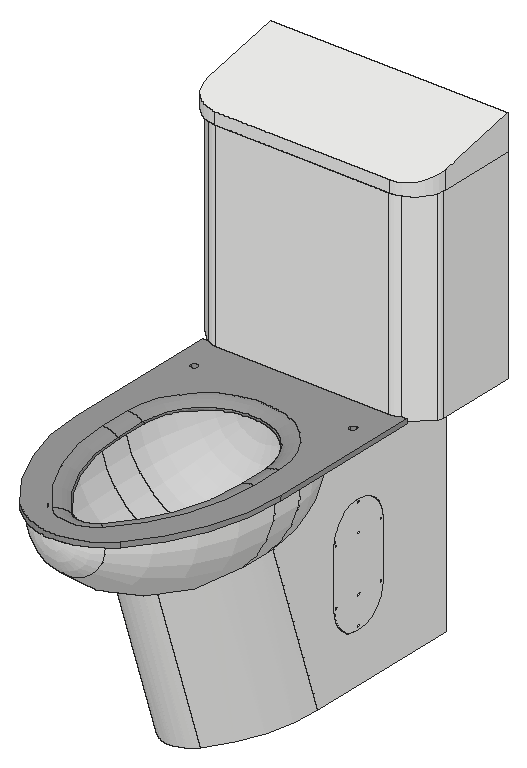
Revit family "Toilet-Siphon_Jet-Whitehall-BestCare-WH2145ADA_Series", category Plumbing Fixtures, host Face, Revit 2021
Family settings
  Host = Face
  Round Connector Dimension = Use Diameter
  Part Type = Normal
  OmniClass Number = 23.45.05.21.11.11
  OmniClass Title = Water Operated Water Closets
  Cut with Voids When Loaded = No
  Shared = Yes
  Room Calculation Point = No
Parameters (values of type "WH2145ADA_12")
  Width = 17 1/8"  # constant formula
  Waste Connection Distance From Wall = 12"
  Waste Connection Diameter = 7 1/2"  # constant formula
  Waste Connection = yes
  WH-LRSC-WHITE-Ligature Resistant Seat Cover, White (Shipped Loose = no
  WH-LRSC-GRAY-Whitehall Ligature Resistant ABS Toilet Seat Cover = yes
  WH-LRSC-BLACK-Ligature Resistant Seat Cover, Black (Shipped Loose = no
  WFU = 10  # constant formula
  Vent Connection = no
  URL = "http://www.whitehallmfg.com"
  Type Comments = ""
  Product Page URL = "https://www.whitehallmfg.com/ligature-resistant-ada-seat-height-cistern-toilet"
  Product Documentation Link = "https://www.whitehallmfg.com/uploads/fileLibrary/WH2145ADA.pdf?v=638835428474775324"
  Model = "WH2145ADA_12"
  Material = "Stainless Steel-Whitehall-Powder Coated White"  # constant formula
  Manufacturer = "Whitehall Mfg."  # constant formula
  Load Capacity = "On-floor units can withstand load rating of 5000 lbs."  # constant formula
  Length = 30 1/2"  # constant formula
  Installation Type = "Floor Mounted"  # constant formula
  IAPMO Compliance = "Toilet shall be ASME A112.19.3 and CSA B45.4 compliant."  # constant formula
  Height = 35 1/4"  # constant formula
  HWFU = 0
  HW Connection = no
  Flush Rate = "1.28 gallons (4.8 Liters) to 1.6 gallons (6 liter) per flush"  # constant formula
  Finish = Stainless Steel-Whitehall-Powder Coated White
  Description = "BestCare® Ligature-Resistant Cistern Tank Toilet with ADA Seat Height"  # constant formula
  Default Elevation = 0"
  Creation Date = "05/23/2025"  # constant formula
  Connection Diameter = 7/8"
  CWFU = 10  # constant formula
  CW Connection = yes
  Bowl Shape = "Elongated"  # constant formula
  Assembly Code = "D2010110"
  ADA Compliant = yes
Types (3): name | Waste Connection Distance From Wall | Model
  (no name) | 12" | "WH2145ADA_12"
  WH2145ADA_10 | 10" | "WH2145ADA_10"
  WH2145ADA_12 | 12" | "WH2145ADA_12"
Reference planes (in)
  plane 1 "Center (Front/Back)": y = 1.5
  plane 2: z = 0
  plane 3 "Center (Left/Right)": x = 0
  plane 4: y = -29
  plane 5: y = -6.375
  plane 6: x = -8.5625
  plane 7: x = 8.5625
  plane 8: x = 4.0625
  plane 9: x = -4.0625
  plane 10: x = -4.0625
  plane 11: x = 4.0625
  plane 12: x = -4.0625
  plane 13: x = 4.0625
  plane 14: y = -17.625
  plane 15: y = -22.625
  plane 16: y = 0.75
  plane 17: z = 1
  plane 18: y = -2.5
  plane 19: x = 7.375
  plane 20: x = -7.375
  plane 21: z = 35.25
  plane 22: z = 18.375
  plane 23: z = 18
  plane 24: z = 31.375
  plane 25: y = -10.5
  plane 26: z = 7
  plane 27: x = -5.375
Forms (in)
  Blend 1, solid, material "Stainless Steel-Whitehall-Powder Coated White" <- "Finish"
    base sketch origin (0, -1.72011, 0) x (1, 0, 0) y (0, 1, 0)
      loop
        line (4.0625, 3.22011) -> (-4.0625, 3.22011) -> (-4.0625, -8.30903)
        arc (-4.0625, -8.30903) -> (-3.43599, -12.26354) -> (-1.61783, -15.83074) r 12.79364
        arc (-1.61783, -15.83074) -> (0, -16.65489) -> (1.61783, -15.83074) r 2
        arc (1.61783, -15.83074) -> (3.43599, -12.26354) -> (4.0625, -8.30903) r 12.79364
        line (4.0625, -8.30903) -> (4.0625, 3.22011)
    top sketch origin (0, -1.72011, 0) x (1, 0, 0) y (0, 1, 0)
      loop
        line (-4.0625, 3.22011) -> (-4.0625, -12.55903)
        arc (-4.0625, -12.55903) -> (-3.43599, -16.51354) -> (-1.61783, -20.08074) r 12.79364
        arc (-1.61783, -20.08074) -> (0, -20.90489) -> (1.61783, -20.08074) r 2
        arc (1.61783, -20.08074) -> (3.43599, -16.51354) -> (4.0625, -12.55903) r 12.79364
        line (4.0625, -12.55903) -> (4.0625, 3.22011) -> (-4.0625, 3.22011)
    from 0 to 12.83155
  Blend 2, solid, material "Stainless Steel-Whitehall-Powder Coated White" <- "Finish"
    base sketch origin (0, -2.10102, 0) x (1, 0, 0) y (0, 1, 0)
      loop
        line (-4.0625, 3.60102) -> (-4.0625, -11.43316)
        arc (-4.0625, -11.43316) -> (0, -8.43159) -> (4.0625, -11.43316) r 4.25
        line (4.0625, -11.43316) -> (4.0625, 3.60102) -> (-4.0625, 3.60102)
    top sketch origin (0, -2.10102, 0) x (1, 0, 0) y (0, 1, 0)
      loop
        line (-4.0625, 3.60102) -> (-4.0625, -7.83302)
        arc (-4.0625, -7.83302) -> (0, -5.23884) -> (4.0625, -7.83302) r 4.47804
        line (4.0625, -7.83302) -> (4.0625, 3.60102) -> (-4.0625, 3.60102)
    from 11.90274 to 18
  Extrusion 3, void
    sketch origin (0, 0.5, 0) x (1, 0, 0) y (0, 1, 0)
      loop
        circle (-5.73885, -9.43959) r 0.25
      loop
        circle (5.73885, -9.43959) r 0.25
    from 0 to 24
  Extrusion 4, solid, material "Stainless Steel-Whitehall-Powder Coated White" <- "Finish"
    sketch origin (0, 0, 3) x (1, 0, 0) y (0, 1, 0)
      loop
        line (-8.5625, 1.5) -> (-8.5625, -4.29289)
        arc (-8.5625, -4.29289) -> (-8.52444, -4.48423) -> (-8.41605, -4.64645) r 0.5
        line (-8.41605, -4.64645) -> (-6.98039, -6.08211)
        arc (-6.98039, -6.08211) -> (-6.65597, -6.29888) -> (-6.27329, -6.375) r 1
        line (-6.27329, -6.375) -> (6.27329, -6.375)
        arc (6.27329, -6.375) -> (6.65597, -6.29888) -> (6.98039, -6.08211) r 1
        line (6.98039, -6.08211) -> (8.41605, -4.64645)
        arc (8.41605, -4.64645) -> (8.52444, -4.48423) -> (8.5625, -4.29289) r 0.5
        line (8.5625, -4.29289) -> (8.5625, 1.5) -> (-8.5625, 1.5)
    from 15 to 29.75
  Extrusion 5, void
    sketch origin (0, 3.375, 3) x (0, 1, 0) y (0, 0, 1)
      loop
        line (-9.75, 30.57612) -> (-1.875, 32.25) -> (-9.75, 32.25) -> (-9.75, 30.57612)
    from -8.5625 to 8.5625
  Blend 6, solid, material "Stainless Steel-Whitehall-Powder Coated White" <- "Finish"
    base sketch origin (0, 0, 3) x (1, 0, 0) y (0, 1, 0)
      loop
        line (-8.5625, 1.5) -> (-8.5625, -4.125)
        arc (-8.5625, -4.125) -> (-7.90349, -5.71599) -> (-6.3125, -6.375) r 2.25
        line (-6.3125, -6.375) -> (6.3125, -6.375)
        arc (6.3125, -6.375) -> (7.90349, -5.71599) -> (8.5625, -4.125) r 2.25
        line (8.5625, -4.125) -> (8.5625, 1.5) -> (-8.5625, 1.5)
    top sketch origin (0, 0, 3) x (1, 0, 0) y (0, 1, 0)
      loop
        line (-8.5625, 1.5) -> (-8.5625, -4.125)
        arc (-8.5625, -4.125) -> (-7.90349, -5.71599) -> (-6.3125, -6.375) r 2.25
        line (-6.3125, -6.375) -> (6.3125, -6.375)
        arc (6.3125, -6.375) -> (7.90349, -5.71599) -> (8.5625, -4.125) r 2.25
        line (8.5625, -4.125) -> (8.5625, 1.5) -> (-8.5625, 1.5)
    from 29.75 to 32.25
  Extrusion 7, solid, material "Metal-Whitehall-Stainless_Steel-Ligature_Resistant-GRAY", visible <- "WH-LRSC-GRAY-Whitehall Ligature Resistant ABS Toilet Seat Cover"
    sketch origin (0, 0, 3.375) x (1, 0, 0) y (0, 1, 0)
      loop
        arc (3.62836, -27.3721) -> (6.40665, -22.79695) -> (7.375, -17.53261) r 14.79364
        line (7.375, -17.53261) -> (7.375, -6.125) -> (-7.375, -6.125) -> (-7.375, -17.53261)
        arc (-7.375, -17.53261) -> (-6.40665, -22.79695) -> (-3.62836, -27.3721) r 14.79364
        arc (-3.62836, -27.3721) -> (0, -28.99928) -> (3.62836, -27.3721) r 4.85894
      loop
        line (-5.75, -15.28261) -> (-5.75, -17.53261)
        arc (-5.75, -17.53261) -> (-4.77373, -22.58152) -> (-1.98566, -26.90254) r 13.54364
        arc (-1.98566, -26.90254) -> (0, -27.75) -> (1.98566, -26.90254) r 2.75
        arc (1.98566, -26.90254) -> (4.77373, -22.58152) -> (5.75, -17.53261) r 13.54364
        line (5.75, -17.53261) -> (5.75, -15.28261)
        arc (5.75, -15.28261) -> (0, -9.53261) -> (-5.75, -15.28261) r 5.75
    from 14.625 to 15
  Sweep 8, solid, material "Metal-Whitehall-Stainless_Steel-Ligature_Resistant-GRAY", visible <- "WH-LRSC-GRAY-Whitehall Ligature Resistant ABS Toilet Seat Cover"
    path origin (0, 0, 3.375) x (1, 0, 0) y (0, 1, 0)
      loop
        arc (-5.75, -17.53261) -> (-4.77373, -22.58152) -> (-1.98566, -26.90254) r 13.54364
        arc (-1.98566, -26.90254) -> (0, -27.75) -> (1.98566, -26.90254) r 2.75
        arc (1.98566, -26.90254) -> (4.77373, -22.58152) -> (5.75, -17.53261) r 13.54364
        line (5.75, -17.53261) -> (5.75, -15.28261)
        arc (5.75, -15.28261) -> (0, -9.53261) -> (-5.75, -15.28261) r 5.75
        line (-5.75, -15.28261) -> (-5.75, -17.53261)
    profile origin (-5.75, -16.40761, 3.375) x (-1, 0, 0) y (0, 0, 1)
      loop
        line (0, 15) -> (-0.25, 15)
        arc (-0.25, 15) -> (-0.82681, 14.90577) -> (-1.34365, 14.63287) r 1.8125
        arc (-1.34365, 14.63287) -> (-1.36912, 14.5504) -> (-1.29904, 14.5) r 0.07392
        line (-1.29904, 14.5) -> (0, 14.5) -> (0, 15)
  Revolve 9, solid, material "Stainless Steel-Whitehall-Powder Coated White" <- "Finish"
    sketch origin (0, 0, 18) x (1, 0, 0) y (0, 1, 0)
      loop
        arc (-2.88823, -27.76733) -> (-1.57014, -28.67895) -> (0, -29) r 4
        line (0, -29) -> (0, -27.75)
        arc (0, -27.75) -> (-1.07947, -27.52928) -> (-1.98566, -26.90254) r 2.75
        arc (-1.98566, -26.90254) -> (-4.77373, -22.58152) -> (-5.75, -17.53261) r 13.54364
        line (-5.75, -17.53261) -> (-5.75, -15.28261)
        arc (-5.75, -15.28261) -> (-4.06586, -11.21675) -> (0, -9.53261) r 5.75
        line (0, -9.53261) -> (0, -8.28261)
        arc (0, -8.28261) -> (-4.94975, -10.33287) -> (-7, -15.28261) r 7
        line (-7, -15.28261) -> (-7, -17.53261)
        arc (-7, -17.53261) -> (-5.93362, -23.0475) -> (-2.88823, -27.76733) r 14.79364
      axis (0, -8.28261) -> (0, -29)
    angle from 0 to 180
  Extrusion 10, solid, material "Stainless Steel-Whitehall-Powder Coated White" <- "Finish"
    sketch origin (2.9375, 0, 3.47882) x (1, 0, 0) y (0, 1, 0)
      loop
        line (-9.9375, 1.5) -> (-9.9375, -1.35355) -> (-7.03125, -1.35355) -> (-7.03125, -1.85355) -> (-7, -1.85355) -> (-7, 1.5) -> (-9.9375, 1.5)
    from 2.77118 to 14.52118
  Extrusion 11, void
    sketch origin (0, 0, 3.25) x (0, 1, 0) y (0, 0, -1)
      loop
        line (1.5, -3) -> (-1.85355, -3) -> (-1.85355, -5) -> (-1.35355, -5) -> (1.5, -3)
    from 4.0625 to 7
  Revolve 12, void
    sketch origin (0, 0, 16.875) x (1, 0, 0) y (0, 1, 0)
      loop
        arc (0, -9.53261) -> (-4.06586, -11.21675) -> (-5.75, -15.28261) r 5.75
        line (-5.75, -15.28261) -> (-5.75, -17.53261)
        arc (-5.75, -17.53261) -> (-4.77373, -22.58152) -> (-1.98566, -26.90254) r 13.54364
        arc (-1.98566, -26.90254) -> (-1.07947, -27.52928) -> (0, -27.75) r 2.75
        line (0, -27.75) -> (0, -9.53261)
      axis (0, -9.53261) -> (0, -27.75)
    angle from 0 to 180
  Extrusion 13, solid, material "Metal-Whitehall-Stainless_Steel-Ligature_Resistant-GRAY"
    sketch origin (0, -1.89645, 2.625) x (0, 1, 0) y (0, 0, 1)
      loop
        arc (-1.22855, 29.5) -> (-1.31694, 29.46339) -> (-1.35355, 29.375) r 0.125
        line (-1.35355, 29.375) -> (-1.35355, 28.125)
        arc (-1.35355, 28.125) -> (-1.31694, 28.03661) -> (-1.22855, 28) r 0.125
        line (-1.22855, 28) -> (0.02145, 28)
        arc (0.02145, 28) -> (0.10983, 28.03661) -> (0.14645, 28.125) r 0.125
        line (0.14645, 28.125) -> (0.14645, 29.375)
        arc (0.14645, 29.375) -> (0.10983, 29.46339) -> (0.02145, 29.5) r 0.125
        line (0.02145, 29.5) -> (-1.22855, 29.5)
    from -9.0625 to -8.5625
  Extrusion 14, solid, material "Metal-Whitehall-Stainless_Steel-Ligature_Resistant-GRAY"
    sketch origin (0, -1.89645, 2.625) x (0, 1, 0) y (0, 0, 1)
      loop
        line (0.02145, 28.25) -> (0.02145, 29.25)
        arc (0.02145, 29.25) -> (-0.01517, 29.33839) -> (-0.10355, 29.375) r 0.125
        line (-0.10355, 29.375) -> (-1.10355, 29.375)
        arc (-1.10355, 29.375) -> (-1.19194, 29.33839) -> (-1.22855, 29.25) r 0.125
        line (-1.22855, 29.25) -> (-1.22855, 28.25)
        arc (-1.22855, 28.25) -> (-1.19194, 28.16161) -> (-1.10355, 28.125) r 0.125
        line (-1.10355, 28.125) -> (-0.10355, 28.125)
        arc (-0.10355, 28.125) -> (-0.01517, 28.16161) -> (0.02145, 28.25) r 0.125
    from -9.3125 to -8.5625
  Extrusion 15, void
    sketch origin (0, 2.18667, 2.73439) x (0, 1, 0) y (0, 0, -1)
      loop
        circle (-8.56606, -9.16665) r 0.125
      loop
        circle (-10.59218, -7.18292) r 0.125
      loop
        circle (-10.58495, -3.13641) r 0.125
      loop
        circle (-8.56606, -1.14002) r 0.125
      loop
        circle (-8.53994, -7.18292) r 0.125
      loop
        circle (-8.54717, -3.13641) r 0.125
      loop
        arc (-10.81285, -7.14454) -> (-8.56285, -9.39454) -> (-6.31285, -7.14454) r 2.25
        line (-6.31285, -7.14454) -> (-6.31285, -3.09537)
        arc (-6.31285, -3.09537) -> (-8.56285, -0.84537) -> (-10.81285, -3.09537) r 2.25
        line (-10.81285, -3.09537) -> (-10.81285, -7.14454)
      loop
        line (-6.3441, -7.14454) -> (-6.3441, -3.09537)
        arc (-6.3441, -3.09537) -> (-8.56285, -0.87662) -> (-10.7816, -3.09537) r 2.21875
        line (-10.7816, -3.09537) -> (-10.7816, -7.14454)
        arc (-10.7816, -7.14454) -> (-8.56285, -9.36329) -> (-6.3441, -7.14454) r 2.21875
      loop
        circle (-6.53116, -7.18292) r 0.125
      loop
        circle (-6.53839, -3.13641) r 0.125
    from -4.0625 to 4.0625
  Extrusion 16, void
    sketch origin (0, 0, 0) x (1, 0, 0) y (0, 1, 0)
      loop
        circle (0, -10.5) r 3.75
    from 0 to 1
  Extrusion 17, void
    sketch origin (-7, -1.35355, 3.47882) x (-1, 0, 0) y (0, 0, 1)
      loop
        circle (-1.625, 3.52118) r 0.4375
    from 2.62968 to 2.85355
Cuts and joins
  Extrusion 11, Revolve 12, Extrusion 15 cuts Blend 1
  Extrusion 11, Extrusion 15, Extrusion 16 cuts Blend 2
  joined: Blend 1, Blend 2
  Extrusion 5 cuts Blend 6
  Extrusion 3, Extrusion 16 cuts Extrusion 7
  Revolve 12, Extrusion 16 cuts Sweep 8
  joined: Extrusion 7, Sweep 8
  Extrusion 11 cuts Extrusion 10
  Extrusion 16 cuts Revolve 9
Dimensions and locks (in)
  plane 7 to plane 6 = 17 1/8"
  plane 1 "Center (Front/Back)" to plane 5 = 7 7/8"
  "Length": plane 4 to plane 1 "Center (Front/Back)"
  plane 13 to plane 12 = 8 1/8"
  plane 1 "Center (Front/Back)" to plane 4 = 30 1/2"
  plane 1 "Center (Front/Back)" to plane 18 = 4"
  "Width": plane 6 to plane 7
  plane 20 to plane 19 = 14 3/4"
  "Height": plane 21 to host face
  plane 22 to host face = 18 3/8"
  plane 23 to host face = 18"
  plane 21 to plane 23 = 17 1/4"
  plane 21 to plane 24 = 3 7/8"
  "Waste Connection Distance From Wall": plane 1 "Center (Front/Back)" to plane 25
  locked: plane 26 to host face at 7
  locked: plane 3 "Center (Left/Right)" to plane 27 at 5.375
  "Waste Connection Diameter": diameter of Extrusion 16 sketch curve
  "Connection Diameter": diameter of Extrusion 17 sketch curve
  aligned and locked: plane 2 to host face
  aligned and locked: level to host face
  aligned and locked: Blend 2 to Extrusion 4
  aligned and locked: Blend 1 to Extrusion 15  (x2)
  aligned and locked: plane 25 to Extrusion 16 sketch curve
  aligned and locked: plane 3 "Center (Left/Right)" to Extrusion 16 sketch curve
  aligned and locked: plane 17 to Extrusion 16
  aligned and locked: plane 26 to Extrusion 17 sketch curve
  aligned and locked: plane 27 to Extrusion 17 sketch curve
  aligned and locked: cut or joined group of Blend 1, Blend 2, Extrusion 11, Revolve 12, Extrusion 15, Extrusion 16 to Extrusion 17
Automatic sketch dimensions
  host sketch curve to host sketch curve = 96"  (x2)
  plane 1 "Center (Front/Back)" to Blend 2 sketch curve = 0"  (x2)
  Blend 2 sketch curve to plane 10 = 0"
  Blend 2 sketch curve to plane 3 "Center (Left/Right)" = 0"  (x2)
  Blend 2 sketch curve to plane 11 = 0"
  Blend 2 sketch curve to plane 14 = 2.84239"
  Blend 2 sketch curve to plane 12 = 0"
  Blend 2 sketch curve to plane 13 = 0"
  Extrusion 3 sketch curve to plane 19 = 1.63615"
  Extrusion 4 sketch curve to plane 6 = 0"
  plane 5 to Extrusion 4 sketch curve = 0"
  plane 1 "Center (Front/Back)" to Extrusion 4 sketch curve = 0"
  Extrusion 4 sketch curve to plane 7 = 0"
  plane 6 to Extrusion 4 sketch curve = 0.14645"
  Extrusion 4 sketch curve to Extrusion 4 sketch curve = 1/2"
  Extrusion 4 sketch curve to plane 20 = 0.39461"
  Extrusion 4 sketch curve to plane 19 = 1.10171"
  Extrusion 4 sketch curve to plane 5 = 0.29289"  (x2)
  Extrusion 4 sketch curve to plane 19 = 0.39461"
  Extrusion 4 sketch curve to plane 7 = 1/2"
  Extrusion 4 sketch curve to plane 7 = 0.14645"
  Extrusion 4 sketch curve to plane 5 = 1.72855"  (x2)
  Extrusion 5 sketch curve to plane 5 = 0"
  Extrusion 5 sketch curve to plane 1 "Center (Front/Back)" = 0"
  Extrusion 5 sketch curve to plane 21 = 0"
  Extrusion 5 sketch curve to plane 21 = 1.67388"
  plane 1 "Center (Front/Back)" to Blend 6 sketch curve = 0"  (x2)
  Blend 6 sketch curve to plane 6 = 0"  (x2)
  plane 5 to Blend 6 sketch curve = 0"  (x2)
  Blend 6 sketch curve to plane 7 = 0"  (x2)
  Blend 6 sketch curve to plane 19 = 1 1/16"  (x2)
  Sweep 8 sketch curve to plane 3 "Center (Left/Right)" = 0"  (x2)
  Sweep 8 sketch curve to plane 14 = 0.09239"  (x2)
  plane 20 to Sweep 8 sketch curve = 0.41864"
  plane 19 to Sweep 8 sketch curve = 0.41864"
  plane 15 to Sweep 8 sketch curve = 2 3/8"
  Sweep 8 sketch curve to plane 14 = 2.34239"
  Sweep 8 sketch curve to Sweep 8 sketch curve = 0"
  Sweep 8 sketch curve to profile plane = 0"
  profile plane to Sweep 8 sketch curve = 1/4"
  Sweep 8 sketch curve to Sweep 8 sketch curve = 1.04904"
  profile plane to Sweep 8 sketch curve = 13 3/16"
  Sweep 8 sketch curve to Sweep 8 sketch curve = 1 5/16"
  Sweep 8 sketch curve to Sweep 8 sketch curve = 0.07392"
  Sweep 8 sketch curve to Sweep 8 sketch curve = 1/2"
  Revolve 9 sketch curve to Revolve 9 sketch curve = 0"  (x4)
  Revolve 9 sketch curve to plane 3 "Center (Left/Right)" = 0"  (x3)
  plane 4 to Revolve 9 sketch curve = 0"
  Revolve 9 sketch curve to plane 14 = 0.09239"
  Revolve 9 sketch curve to plane 20 = 3/8"
  plane 19 to Revolve 9 sketch curve = 0.41864"
  Revolve 9 sketch curve to plane 4 = 1 1/4"
  plane 15 to Revolve 9 sketch curve = 2 3/8"
  Revolve 9 sketch curve to plane 14 = 2.34239"
  Revolve 9 sketch curve to Revolve 9 sketch curve = 1"
  Revolve 9 sketch curve to Revolve 9 sketch curve = 0.46739"
  plane 1 "Center (Front/Back)" to Extrusion 10 sketch curve = 0"
  Extrusion 10 sketch curve to plane 12 = 0"
  Extrusion 10 sketch curve to plane 12 = 1/32"
  Extrusion 10 sketch curve to plane 20 = 3/8"
  Extrusion 10 sketch curve to plane 18 = 1.14645"
  Extrusion 10 sketch curve to Extrusion 10 sketch curve = 1/2"
  Extrusion 11 sketch curve to plane 1 "Center (Front/Back)" = 0"
  Extrusion 11 sketch curve to plane 18 = 1.14645"
  Extrusion 11 sketch curve to plane 18 = 0.64645"
  plane 17 to Extrusion 11 sketch curve = 7 1/4"
  Extrusion 11 sketch curve to Extrusion 11 sketch curve = 2"
  Revolve 12 sketch curve to plane 3 "Center (Left/Right)" = 0"  (x2)
  Revolve 12 sketch curve to plane 14 = 0.09239"
  plane 19 to Revolve 12 sketch curve = 0.41864"
  plane 15 to Revolve 12 sketch curve = 2 3/8"
  Revolve 12 sketch curve to plane 4 = 1 1/4"
  Revolve 12 sketch curve to Revolve 12 sketch curve = 2 1/4"
  Revolve 12 sketch curve to Revolve 12 sketch curve = 1"
  Revolve 12 sketch curve to Revolve 12 sketch curve = 0.46739"
  plane 18 to Extrusion 13 sketch curve = 3/4"
  Extrusion 13 sketch curve to Extrusion 13 sketch curve = 1/8"  (x3)
  Extrusion 13 sketch curve to plane 18 = 5/8"  (x2)
  Extrusion 13 sketch curve to plane 24 = 3/4"
  plane 24 to Extrusion 13 sketch curve = 5/8"
  plane 18 to Extrusion 14 sketch curve = 5/8"
  Extrusion 14 sketch curve to Extrusion 14 sketch curve = 1/8"  (x3)
  Extrusion 14 sketch curve to plane 18 = 1/2"  (x2)
  Extrusion 14 sketch curve to plane 24 = 5/8"
  plane 24 to Extrusion 14 sketch curve = 1/2"
  Extrusion 15 sketch curve to Extrusion 15 sketch curve = 0"  (x6)
  Extrusion 15 sketch curve to Extrusion 15 sketch curve = 1/32"
  Extrusion 15 sketch curve to Extrusion 15 sketch curve = 0.18942"
  Extrusion 15 sketch curve to Extrusion 15 sketch curve = 0.19665"
  plane 5 to Extrusion 15 sketch curve = 0.00439"  (x2)
  plane 5 to Extrusion 15 sketch curve = 0.00118"
  Extrusion 15 sketch curve to plane 5 = 0.0145"
  Extrusion 15 sketch curve to plane 5 = 0.02173"
  Extrusion 15 sketch curve to Extrusion 15 sketch curve = 0.1943"
  Extrusion 15 sketch curve to Extrusion 15 sketch curve = 0.18707"
  Extrusion 15 sketch curve to plane 23 = 6.09897"
  Extrusion 15 sketch curve to Extrusion 15 sketch curve = 1.98373"
  Extrusion 15 sketch curve to Extrusion 15 sketch curve = 0.03837"
  Extrusion 15 sketch curve to Extrusion 15 sketch curve = 4.00813"  (x2)
  Extrusion 15 sketch curve to Extrusion 15 sketch curve = 0.04104"
  Extrusion 15 sketch curve to Extrusion 15 sketch curve = 1.95535"
  Blend 2 sketch curve to plane 14 = 4.09082"
  plane 5 to Blend 2 sketch curve = 3.55904"
  Blend 2 sketch curve to Blend 2 sketch curve = 1.88386"
  plane 5 to Extrusion 3 sketch curve = 2.56459"  (x2)
  Extrusion 15 sketch curve to Extrusion 15 sketch curve = 2.0221"
  Extrusion 3 sketch curve to plane 20 = 1.63615"
  Extrusion 4 sketch curve to plane 5 = 1"
  Blend 6 sketch curve to plane 20 = 1 1/16"  (x2)
  Sweep 8 sketch curve to plane 20 = 1 5/8"
  Revolve 9 sketch curve to Revolve 9 sketch curve = 1 1/4"
  Revolve 12 sketch curve to plane 20 = 1 5/8"
  Blend 1 sketch curve to plane 12 = 0"
  Blend 1 sketch curve to plane 3 "Center (Left/Right)" = 0"  (x2)
  plane 1 "Center (Front/Back)" to Blend 1 sketch curve = 0"  (x2)
  Blend 1 sketch curve to plane 13 = 0"
  Blend 1 sketch curve to plane 6 = 0.16864"  (x2)
  plane 7 to Blend 1 sketch curve = 0.16864"  (x2)
  Blend 1 sketch curve to plane 15 = 2"
  Blend 1 sketch curve to Blend 1 sketch curve = 0"  (x4)
  Blend 1 sketch curve to plane 15 = 0.82415"
  Blend 1 sketch curve to plane 9 = 0"
  Blend 1 sketch curve to plane 8 = 0"
  plane 5 to Blend 1 sketch curve = 3.65415"
  Blend 1 sketch curve to plane 3 "Center (Left/Right)" = 1.61783"
  Extrusion 7 sketch curve to plane 20 = 0"
  Extrusion 7 sketch curve to plane 3 "Center (Left/Right)" = 0"  (x3)
  Extrusion 7 sketch curve to plane 19 = 0"
  Extrusion 7 sketch curve to Extrusion 7 sketch curve = 0.04364"  (x2)
  Extrusion 7 sketch curve to plane 14 = 0.09239"  (x3)
  Extrusion 7 sketch curve to Extrusion 7 sketch curve = 3/8"  (x2)
  Extrusion 7 sketch curve to plane 27 = 3/8"
  plane 15 to Extrusion 7 sketch curve = 1.51534"
  Extrusion 7 sketch curve to Extrusion 7 sketch curve = 0.85966"
  Extrusion 7 sketch curve to Extrusion 7 sketch curve = 0"  (x4)
  Extrusion 7 sketch curve to Extrusion 7 sketch curve = 2 1/4"
  Extrusion 7 sketch curve to plane 5 = 1/4"
  radius of Extrusion 3 sketch curve = 1/4"  (x2)
  radius of Extrusion 15 sketch curve = 1/8"  (x8)
Connectors (in)
  piping at (-5.375, 1.5, 7), diameter 0.875, driven by "Connection Diameter", driven by "CWFU"
    settings: on Extrusion 17, index 8, connector inside diameter 24", connector length 0", flow factor 0, pipe flow 0 GPM, pressure drop 0.00 psi, fitting loss kfactor 0, connector angle 0.00°, fixture units 10, engagement length 0", angle of deflection 0.00°, flow configuration 3, flow direction 1, fitting loss method 0, system type 20, joint type 0, gender type 0, connector reference index -1, connector utility 0, adjustable connector no, is connector primary yes, connector description "7/8\" Inlet Connection"
  piping at (0, -10.5, 0), diameter 7.5, driven by "Waste Connection Diameter", driven by "WFU"
    settings: on Extrusion 16, index 9, connector inside diameter 24", connector length 0", flow factor 0, pipe flow 0 GPM, pressure drop 0.00 psi, fitting loss kfactor 0, connector angle 0.00°, fixture units 10, engagement length 0", angle of deflection 0.00°, flow configuration 3, flow direction 2, fitting loss method 0, system type 16, joint type 0, gender type 0, connector reference index -1, connector utility 0, adjustable connector no, is connector primary no, connector description "7 1/2\" Waste Outlet Connection"
